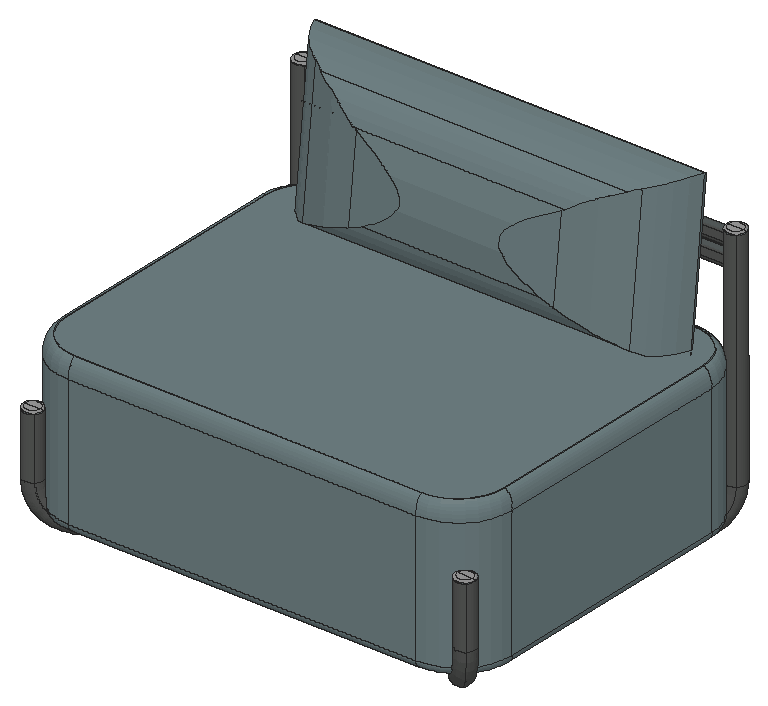
Revit family "FU_Modular_Sandler_Cosmo 1505", category Furniture, Revit 2020
Family settings
  OmniClass Number = 23.40.20.00
  OmniClass Title = General Furniture and Specialties
  Work Plane-Based = No
  Always vertical = Yes
  Cut with Voids When Loaded = No
  Shared = No
  Room Calculation Point = No
Parameters (values of type "Cosmo 1505")
  Width = 1110 mm
  URL = "https://www.sandlerseating.com/product/cosmo-1505/"
  Seat [instance] = Fabric - X2 - Polygon AK002
  Model = "Cosmo 1505"
  Manufacturer = "Sandler"
  Height = 800 mm
  Frame [instance] = Metal - Paint -AL VR - Matt Jet Black
  Description = "Easy chair with upholstered backrest. Link with other elements in the Cosmo range to form a sectional sofa, or use as freestanding lounge seating."
  Depth = 880 mm
  Default Elevation = 0 mm
Reference planes
  plane 1 "Center (Front/Back)": y = 0
  plane 2: z = 0
  plane 3 "Center (Left/Right)": x = 0
  plane 4 "Right": x = -555
  plane 5 "Left": x = 555
  plane 6 "Back": y = 440
  plane 7 "Front": y = -440
  plane 8 "Height": z = 800
  plane 9 "Seat height": z = 440
  plane 10 "Frame Base C RIGHT": z = 33.282
  plane 11 "Frame Front C RIGHT": y = -414.45
  plane 12 "Frame Back C RIGHT": y = 415.775
  plane 13 "Frame Left C FRONT": x = 530.501
  plane 14 "Frame Back Left C TOP": through (209.563, 94.979, 1200) normal (-0.7071, 0.7071, 0)
  plane 15 "Frame Front C TOP": through (209.497, -93.945, 1200) normal (0.7071, 0.7071, 0)
  plane 16 "Frame Right C FRONT": x = -530.501
  plane 17: z = 290
Forms (mm)
  Sweep 1, solid, material "Metal - Paint -AL VR - Matt Jet Black" <- "Frame"
    path origin (0, 0, 33.282) x (0, -1, 0) y (1, 0, 0)
      loop
        line (319.706, 435.757) -> (73.771, 189.822)
        arc (73.771, 189.822) -> (-0.733, 158.961) -> (-75.238, 189.822) r 105.365
        line (-75.238, 189.822) -> (-321.173, 435.757)
    profile "Pro_Circles : 48mm" origin (312.789, -196.738, 33.282) x (-0.707107, -0.707107, 0) y (0, 0, 1)
      loop
        arc (-23.967, 0.067) -> (-17.014, -16.92) -> (-0.066, -23.967) r 23.901
        arc (-0.066, -23.967) -> (16.967, -16.967) -> (23.967, 0.067) r 23.901
        arc (23.967, 0.067) -> (16.92, 17.014) -> (-0.067, 23.967) r 23.9
        arc (-0.067, 23.967) -> (-16.966, 16.966) -> (-23.967, 0.067) r 23.9
  Sweep 2, solid, material "Metal - Paint -AL VR - Matt Jet Black" <- "Frame"
    path origin (57.776, 57.776, 0) x (-0.707107, 0.707107, 0) y (0, 0, 1)
      loop
        line (-532.237, 33.282) -> (-562.237, 33.282)
        arc (-562.237, 33.282) -> (-636.483, 64.036) -> (-667.237, 138.282) r 105
        line (-667.237, 138.282) -> (-667.237, 290)
    profile "Pro_Circles : 48mm" origin (444.731, -329.179, 33.282) x (0, 0, -1) y (0.707107, 0.707107, 0)
      loop
        arc (-23.967, 0.067) -> (-17.014, -16.92) -> (-0.066, -23.967) r 23.901
        arc (-0.066, -23.967) -> (16.967, -16.967) -> (23.967, 0.067) r 23.901
        arc (23.967, 0.067) -> (16.92, 17.014) -> (-0.067, 23.967) r 23.9
        arc (-0.067, 23.967) -> (-16.966, 16.966) -> (-23.967, 0.067) r 23.9
  Sweep 3, solid, material "Metal - Paint -AL VR - Matt Jet Black" <- "Frame"
    path origin (57.776, -57.776, 0) x (-0.707107, -0.707107, 0) y (0, 0, -1)
      loop
        line (-667.237, -691) -> (-667.237, -138.282)
        arc (-667.237, -138.282) -> (-636.483, -64.036) -> (-562.237, -33.282) r 105
        line (-562.237, -33.282) -> (-532.237, -33.282)
    profile "Pro_Circles : 48mm" origin (529.584, 414.032, 414.641) x (0.707107, 0.707107, 0) y (0.707107, -0.707107, 0)
      loop
        arc (23.967, 0.067) -> (16.966, 16.966) -> (0.067, 23.967) r 23.9
        arc (0.067, 23.967) -> (-16.92, 17.014) -> (-23.967, 0.067) r 23.9
        arc (-23.967, 0.067) -> (-16.967, -16.967) -> (0.066, -23.967) r 23.901
        arc (0.066, -23.967) -> (17.014, -16.92) -> (23.967, 0.067) r 23.901
  Sweep 4, solid, material "Metal - Paint -AL VR - Matt Jet Black" <- "Frame"
    path origin (0, 0, 33.282) x (0, -1, 0) y (-1, 0, 0)
      loop
        line (319.706, 435.757) -> (73.771, 189.822)
        arc (73.771, 189.822) -> (-0.733, 158.961) -> (-75.238, 189.822) r 105.365
        line (-75.238, 189.822) -> (-321.173, 435.757)
    profile "Pro_Circles : 48mm" origin (-312.789, -196.738, 33.282) x (-0.707107, 0.707107, 0) y (0, 0, 1)
      loop
        arc (23.967, 0.067) -> (16.966, 16.966) -> (0.067, 23.967) r 23.9
        arc (0.067, 23.967) -> (-16.92, 17.014) -> (-23.967, 0.067) r 23.9
        arc (-23.967, 0.067) -> (-16.967, -16.967) -> (0.066, -23.967) r 23.901
        arc (0.066, -23.967) -> (17.014, -16.92) -> (23.967, 0.067) r 23.901
  Sweep 5, solid, material "Metal - Paint -AL VR - Matt Jet Black" <- "Frame"
    path origin (-57.776, 57.776, 0) x (0.707107, 0.707107, 0) y (0, 0, -1)
      loop
        line (-532.237, -33.282) -> (-562.237, -33.282)
        arc (-562.237, -33.282) -> (-636.483, -64.036) -> (-667.237, -138.282) r 105
        line (-667.237, -138.282) -> (-667.237, -290)
    profile "Pro_Circles : 48mm" origin (-444.731, -329.179, 33.282) x (0, 0, 1) y (-0.707107, 0.707107, 0)
      loop
        arc (23.967, 0.067) -> (16.966, 16.966) -> (0.067, 23.967) r 23.9
        arc (0.067, 23.967) -> (-16.92, 17.014) -> (-23.967, 0.067) r 23.9
        arc (-23.967, 0.067) -> (-16.967, -16.967) -> (0.066, -23.967) r 23.901
        arc (0.066, -23.967) -> (17.014, -16.92) -> (23.967, 0.067) r 23.901
  Sweep 6, solid, material "Metal - Paint -AL VR - Matt Jet Black" <- "Frame"
    path origin (-57.776, -57.776, 0) x (0.707107, -0.707107, 0) y (0, 0, 1)
      loop
        line (-667.237, 691) -> (-667.237, 138.282)
        arc (-667.237, 138.282) -> (-636.483, 64.036) -> (-562.237, 33.282) r 105
        line (-562.237, 33.282) -> (-532.237, 33.282)
    profile "Pro_Circles : 48mm" origin (-529.584, 414.032, 414.641) x (0.707107, -0.707107, 0) y (-0.707107, -0.707107, 0)
      loop
        arc (-23.967, 0.067) -> (-17.014, -16.92) -> (-0.066, -23.967) r 23.901
        arc (-0.066, -23.967) -> (16.967, -16.967) -> (23.967, 0.067) r 23.901
        arc (23.967, 0.067) -> (16.92, 17.014) -> (-0.067, 23.967) r 23.9
        arc (-0.067, 23.967) -> (-16.966, 16.966) -> (-23.967, 0.067) r 23.9
  Sweep 7, solid, material "Metal - Paint -AL VR - Matt Jet Black" <- "Frame"
    path origin (0, 415.775, 0) x (0, 0, 1) y (1, 0, 0)
      loop
        line (667.39, -530.832) -> (667.39, 530.168)
    profile "Pro_Cosmo_Oval Tube : Pro_Cosmo_Oval Tube" origin (-0.332, 415.775, 667.39) x (0, 0, -1) y (0, 1, 0)
      loop
        arc (-10.07, 10) -> (-20.07, 0) -> (-10.07, -10) r 10
        line (-10.07, -10) -> (10.07, -10)
        arc (10.07, -10) -> (20.07, 0) -> (10.07, 10) r 10
        line (10.07, 10) -> (-10.07, 10)
  Sweep 8, solid, material "Metal - Paint -AL VR - Matt Jet Black" <- "Frame"
    path origin (0, 415.775, 0) x (0, 0, 1) y (1, 0, 0)
      loop
        line (619.39, -530.832) -> (619.39, 530.168)
    profile "Pro_Cosmo_Oval Tube : Pro_Cosmo_Oval Tube" origin (-0.332, 415.775, 619.39) x (0, 0, -1) y (0, 1, 0)
      loop
        arc (-10.07, 10) -> (-20.07, 0) -> (-10.07, -10) r 10
        line (-10.07, -10) -> (10.07, -10)
        arc (10.07, -10) -> (20.07, 0) -> (10.07, 10) r 10
        line (10.07, 10) -> (-10.07, 10)
  Sweep 9, solid, material "Metal - Paint -AL VR - Matt Jet Black" <- "Frame"
    path origin (0, 415.775, 0) x (0, 0, 1) y (1, 0, 0)
      loop
        line (643.39, -334) -> (643.39, 334)
    profile "Pro_Circles : 20mm" origin (0, 415.775, 643.39) x (0, 0, -1) y (0, 1, 0)
      loop
        arc (-9.967, 18.567) -> (-7.115, 11.48) -> (-0.067, 8.533) r 9.901
        arc (-0.067, 8.533) -> (7.068, 11.432) -> (9.967, 18.567) r 9.901
        arc (9.967, 18.567) -> (7.02, 25.615) -> (-0.067, 28.467) r 9.901
        arc (-0.067, 28.467) -> (-7.067, 25.567) -> (-9.967, 18.567) r 9.9
  Sweep 10, solid, material "Metal - Paint -AL VR - Matt Jet Black" <- "Frame"
    path origin (1.367, 415.775, 0) x (0, 0, 1) y (1, 0, 0)
      loop
        line (643.39, 325.957) -> (643.39, 333.957)
    profile "Pro_Circles : 24mm" origin (331.324, 415.775, 643.39) x (0, 0, -1) y (0, 1, 0)
      loop
        arc (-11.967, 18.567) -> (-8.529, 10.066) -> (-0.067, 6.533) r 11.901
        arc (-0.067, 6.533) -> (8.482, 10.018) -> (11.967, 18.567) r 11.901
        arc (11.967, 18.567) -> (8.434, 27.029) -> (-0.067, 30.467) r 11.901
        arc (-0.067, 30.467) -> (-8.481, 26.981) -> (-11.967, 18.567) r 11.9
  Sweep 11, solid, material "Metal - Paint -AL VR - Matt Jet Black" <- "Frame"
    path origin (-1.367, 415.775, 0) x (0, 0, 1) y (-1, 0, 0)
      loop
        line (643.39, 325.957) -> (643.39, 333.957)
    profile "Pro_Circles : 24mm" origin (-331.324, 415.775, 643.39) x (0, 0, 1) y (0, 1, 0)
      loop
        arc (11.967, 18.567) -> (8.481, 26.981) -> (0.067, 30.467) r 11.9
        arc (0.067, 30.467) -> (-8.434, 27.029) -> (-11.967, 18.567) r 11.901
        arc (-11.967, 18.567) -> (-8.482, 10.018) -> (0.067, 6.533) r 11.901
        arc (0.067, 6.533) -> (8.529, 10.066) -> (11.967, 18.567) r 11.901
  Revolve 12, solid, material "Rubber, Black"
    sketch origin (-0.781, -414.45, -401) x (0, 0, -1) y (1, 0, 0)
      loop
        line (-695.421, 530.33) -> (-695.421, 511.266)
        arc (-695.421, 511.266) -> (-694.22, 508.04) -> (-691.201, 506.385) r 4.933
        arc (-691.201, 506.385) -> (-690.636, 506.55) -> (-690.39, 507.086) r 0.708
        line (-690.39, 507.086) -> (-690.39, 508.836) -> (-685.421, 508.836) -> (-685.421, 530.33) -> (-695.421, 530.33)
      axis (-695.421, 530.33) -> (-685.421, 530.33)
    angle from 0 to 360
  Revolve 13, solid, material "Rubber, Black"
    sketch origin (0.781, -414.45, -401) x (0, 0, -1) y (-1, 0, 0)
      loop
        line (-695.421, 530.33) -> (-695.421, 511.266)
        arc (-695.421, 511.266) -> (-694.22, 508.04) -> (-691.201, 506.385) r 4.933
        arc (-691.201, 506.385) -> (-690.636, 506.55) -> (-690.39, 507.086) r 0.708
        line (-690.39, 507.086) -> (-690.39, 508.836) -> (-685.421, 508.836) -> (-685.421, 530.33) -> (-695.421, 530.33)
      axis (-695.421, 530.33) -> (-685.421, 530.33)
    angle from 0 to 360
  Revolve 14, solid, material "Rubber, Black"
    sketch origin (-0.781, 414.001, 0) x (0, 0, -1) y (-1, 0, 0)
      loop
        line (-695.421, -530.33) -> (-685.421, -530.33) -> (-685.421, -508.836) -> (-690.39, -508.836) -> (-690.39, -507.086)
        arc (-690.39, -507.086) -> (-690.636, -506.55) -> (-691.201, -506.385) r 0.708
        arc (-691.201, -506.385) -> (-694.22, -508.04) -> (-695.421, -511.266) r 4.933
        line (-695.421, -511.266) -> (-695.421, -530.33)
      axis (-695.421, -530.33) -> (-685.421, -530.33)
    angle from 0 to 360
  Revolve 15, solid, material "Rubber, Black"
    sketch origin (0.781, 414.001, 0) x (0, 0, -1) y (-1, 0, 0)
      loop
        line (-695.421, 530.33) -> (-695.421, 511.266)
        arc (-695.421, 511.266) -> (-694.22, 508.04) -> (-691.201, 506.385) r 4.933
        arc (-691.201, 506.385) -> (-690.636, 506.55) -> (-690.39, 507.086) r 0.708
        line (-690.39, 507.086) -> (-690.39, 508.836) -> (-685.421, 508.836) -> (-685.421, 530.33) -> (-695.421, 530.33)
      axis (-695.421, 530.33) -> (-685.421, 530.33)
    angle from 0 to 360
  Extrusion 16, solid, material "Rubber, Black"
    sketch origin (0, 0, 0) x (1, 0, 0) y (0, 1, 0)
      loop
        circle (384.746, 270.162) r 12.5
    from 0 to 33.282
  Extrusion 17, solid, material "Rubber, Black"
    sketch origin (0, 0, 0) x (1, 0, 0) y (0, 1, 0)
      loop
        circle (384.746, -270.162) r 12.5
    from 0 to 33.282
  Extrusion 18, solid, material "Rubber, Black"
    sketch origin (0, 0, 0) x (-1, 0, 0) y (0, -1, 0)
      loop
        circle (384.746, -270.162) r 12.5
    from 0 to 33.282
  Extrusion 19, solid, material "Rubber, Black"
    sketch origin (0, 0, 0) x (-1, 0, 0) y (0, -1, 0)
      loop
        circle (384.746, 270.162) r 12.5
    from 0 to 33.282
  Extrusion 20, solid, material "Fabric - X2 - Polygon AK002" <- "Seat"
    sketch origin (0, 0, 33.282) x (0, -1, 0) y (1, 0, 0)
      loop
        arc (-415.775, -425.667) -> (-383.557, -503.448) -> (-305.775, -535.667) r 110
        line (-305.775, -535.667) -> (304.45, -535.667)
        arc (304.45, -535.667) -> (382.232, -503.448) -> (414.45, -425.667) r 110
        line (414.45, -425.667) -> (414.45, 425.667)
        arc (414.45, 425.667) -> (382.232, 503.448) -> (304.45, 535.667) r 110
        line (304.45, 535.667) -> (-305.775, 535.667)
        arc (-305.775, 535.667) -> (-383.557, 503.448) -> (-415.775, 425.667) r 110
        line (-415.775, 425.667) -> (-415.775, -425.667)
    from 25.7 to 406.718
  Sweep 21, solid, material "Fabric - X2 - Polygon AK002" <- "Seat"
    path in 3D
      loop
        arc (-535.667, -304.45, 440) -> (-503.448, -382.232, 440) -> (-425.667, -414.45, 440) r 110
        line (-425.667, -414.45, 440) -> (425.667, -414.45, 440)
        arc (425.667, -414.45, 440) -> (503.448, -382.232, 440) -> (535.667, -304.45, 440) r 110
        line (535.667, -304.45, 440) -> (535.667, 305.775, 440)
        arc (535.667, 305.775, 440) -> (503.448, 383.557, 440) -> (425.667, 415.775, 440) r 110
        line (425.667, 415.775, 440) -> (-425.667, 415.775, 440)
        arc (-425.667, 415.775, 440) -> (-503.448, 383.557, 440) -> (-535.667, 305.775, 440) r 110
        line (-535.667, 305.775, 440) -> (-535.667, -304.45, 440)
    profile "Pro_Cosmo_SeatEdge : Pro_Cosmo_SeatEdge" origin (-535.667, 0.662, 440) x (1, 0, 0) y (0, 0, 1)
      loop
        line (-21, -42) -> (-21, -360)
        arc (-21, -360) -> (-14.849, -374.849) -> (0, -381) r 21
        line (0, -381) -> (0, 0)
        spline (0, 0) -> (-2.741, -0.359) -> (-5.435, -1.431) -> (-8.036, -3.197) -> (-10.5, -5.627) -> (-12.784, -8.679) -> (-14.849, -12.302) -> (-16.66, -16.432) -> (-18.187, -21) -> (-19.401, -25.927) -> (-20.284, -31.13) -> (-20.82, -36.518) -> (-21, -42)
Cuts and joins
  joined: Sweep 9, Sweep 10, Sweep 11
Lines and regions (mm)
  sketch lines
    curve 1: line (-535.667, 305.775, 440) -> (-535.667, -304.45, 440)
    curve 2: arc (-425.667, -414.45, 440) -> (-503.448, -382.232, 440) -> (-535.667, -304.45, 440) r 110
    curve 3: line (-425.667, -414.45, 440) -> (425.667, -414.45, 440)
    curve 4: arc (535.667, -304.45, 440) -> (503.448, -382.232, 440) -> (425.667, -414.45, 440) r 110
    curve 5: line (535.667, -304.45, 440) -> (535.667, 305.775, 440)
    curve 6: arc (425.667, 415.775, 440) -> (503.448, 383.557, 440) -> (535.667, 305.775, 440) r 110
    curve 7: line (425.667, 415.775, 440) -> (-425.667, 415.775, 440)
    curve 8: arc (-535.667, 305.775, 440) -> (-503.448, 383.557, 440) -> (-425.667, 415.775, 440) r 110
Dimensions and locks
  equal spacing: plane 4 "Right", plane 3 "Center (Left/Right)", plane 5 "Left"
  "Width": plane 4 "Right" to plane 5 "Left"
  equal spacing: plane 6 "Back", plane 1 "Center (Front/Back)", plane 7 "Front"
  "Depth": plane 6 "Back" to plane 7 "Front"
  "Height": plane 8 "Height" to level
  plane 9 "Seat height" to level = 440 mm
  aligned and locked: level to plane 2
Automatic sketch dimensions
  Sweep 1 sketch curve to plane 14 "Frame Back Left C TOP" = 0 mm  (x2)
  Sweep 1 sketch curve to plane 1 "Center (Front/Back)" = 75.238 mm
  Sweep 1 sketch curve to plane 1 "Center (Front/Back)" = 0.733 mm
  plane 1 "Center (Front/Back)" to Sweep 1 sketch curve = 73.771 mm
  Sweep 1 sketch curve to Sweep 1 sketch curve = 74.504 mm
  Sweep 1 sketch curve to plane 12 "Frame Back C RIGHT" = 94.602 mm
  Sweep 1 sketch curve to plane 11 "Frame Front C RIGHT" = 94.744 mm
  Sweep 1 sketch curve to plane 13 "Frame Left C FRONT" = 94.744 mm
  Sweep 3 sketch curve to plane 10 "Frame Base C RIGHT" = 0 mm
  plane 10 "Frame Base C RIGHT" to Sweep 3 sketch curve = 105 mm
  plane 15 "Frame Front C TOP" to Sweep 3 sketch curve = 585.529 mm
  Sweep 3 sketch curve to Sweep 3 sketch curve = 30 mm
  Sweep 3 sketch curve to plane 8 "Height" = 109 mm
  plane 1 "Center (Front/Back)" to Sweep 4 sketch curve = 75.238 mm
  plane 1 "Center (Front/Back)" to Sweep 4 sketch curve = 0.733 mm
  Sweep 4 sketch curve to plane 1 "Center (Front/Back)" = 73.771 mm
  plane 3 "Center (Left/Right)" to Sweep 4 sketch curve = 189.822 mm
  Sweep 4 sketch curve to Sweep 4 sketch curve = 74.504 mm
  plane 12 "Frame Back C RIGHT" to Sweep 4 sketch curve = 94.602 mm
  plane 11 "Frame Front C RIGHT" to Sweep 4 sketch curve = 94.744 mm
  plane 4 "Right" to Sweep 4 sketch curve = 119.243 mm  (x2)
  Sweep 6 sketch curve to plane 10 "Frame Base C RIGHT" = 0 mm
  plane 10 "Frame Base C RIGHT" to Sweep 6 sketch curve = 105 mm
  plane 14 "Frame Back Left C TOP" to Sweep 6 sketch curve = 748.26 mm
  Sweep 6 sketch curve to Sweep 6 sketch curve = 30 mm
  Sweep 6 sketch curve to plane 8 "Height" = 109 mm
  Sweep 7 sketch curve to plane 13 "Frame Left C FRONT" = 0.333 mm
  Sweep 7 sketch curve to plane 8 "Height" = 132.61 mm
  Sweep 7 sketch curve to plane 4 "Right" = 24.168 mm
  Sweep 8 sketch curve to plane 13 "Frame Left C FRONT" = 0.333 mm
  plane 9 "Seat height" to Sweep 8 sketch curve = 179.39 mm
  Sweep 8 sketch curve to plane 4 "Right" = 24.168 mm
  Sweep 9 sketch curve to plane 8 "Height" = 156.61 mm
  Sweep 9 sketch curve to plane 4 "Right" = 221 mm
  Sweep 9 sketch curve to plane 13 "Frame Left C FRONT" = 196.501 mm
  Sweep 10 sketch curve to plane 8 "Height" = 156.61 mm
  Sweep 10 sketch curve to plane 13 "Frame Left C FRONT" = 203.177 mm
  Sweep 10 sketch curve to Sweep 10 sketch curve = 8 mm
  plane 8 "Height" to Sweep 11 sketch curve = 156.61 mm
  plane 4 "Right" to Sweep 11 sketch curve = 227.676 mm
  Sweep 11 sketch curve to Sweep 11 sketch curve = 8 mm
  Revolve 12 sketch curve to plane 13 "Frame Left C FRONT" = 0.952 mm  (x2)
  Revolve 12 sketch curve to plane 8 "Height" = 505.579 mm
  Revolve 12 sketch curve to Revolve 12 sketch curve = 4.322 mm
  Revolve 12 sketch curve to Revolve 12 sketch curve = 0.611 mm
  Revolve 12 sketch curve to Revolve 12 sketch curve = 0.708 mm
  Revolve 12 sketch curve to Revolve 12 sketch curve = 4.97 mm
  Revolve 12 sketch curve to Revolve 12 sketch curve = 19.065 mm
  Revolve 12 sketch curve to Revolve 12 sketch curve = 2.43 mm
  Revolve 12 sketch curve to Revolve 12 sketch curve = 1.75 mm
  Revolve 12 sketch curve to Revolve 12 sketch curve = 7.372 mm
  Revolve 12 sketch curve to Revolve 12 sketch curve = 19.192 mm
  plane 4 "Right" to Revolve 13 sketch curve = 25.451 mm
  plane 8 "Height" to Revolve 13 sketch curve = 505.579 mm
  Revolve 13 sketch curve to Revolve 13 sketch curve = 4.322 mm
  Revolve 13 sketch curve to Revolve 13 sketch curve = 0.611 mm
  Revolve 13 sketch curve to Revolve 13 sketch curve = 0.708 mm
  Revolve 13 sketch curve to Revolve 13 sketch curve = 4.97 mm
  Revolve 13 sketch curve to Revolve 13 sketch curve = 19.065 mm
  Revolve 13 sketch curve to Revolve 13 sketch curve = 2.43 mm
  Revolve 13 sketch curve to Revolve 13 sketch curve = 1.75 mm
  Revolve 13 sketch curve to Revolve 13 sketch curve = 7.372 mm
  Revolve 13 sketch curve to Revolve 13 sketch curve = 19.192 mm
  Revolve 13 sketch curve to Revolve 13 sketch curve = 0 mm
  Revolve 14 sketch curve to plane 13 "Frame Left C FRONT" = 0.952 mm  (x2)
  Revolve 14 sketch curve to plane 8 "Height" = 104.579 mm
  Revolve 14 sketch curve to Revolve 14 sketch curve = 4.322 mm
  Revolve 14 sketch curve to Revolve 14 sketch curve = 0.611 mm
  Revolve 14 sketch curve to Revolve 14 sketch curve = 0.708 mm
  Revolve 14 sketch curve to Revolve 14 sketch curve = 4.97 mm
  Revolve 14 sketch curve to Revolve 14 sketch curve = 19.065 mm
  Revolve 14 sketch curve to Revolve 14 sketch curve = 2.43 mm
  Revolve 14 sketch curve to Revolve 14 sketch curve = 1.75 mm
  Revolve 14 sketch curve to Revolve 14 sketch curve = 7.372 mm
  Revolve 14 sketch curve to Revolve 14 sketch curve = 19.192 mm
  Revolve 15 sketch curve to plane 4 "Right" = 25.451 mm
  Revolve 15 sketch curve to plane 8 "Height" = 104.579 mm
  Revolve 15 sketch curve to Revolve 15 sketch curve = 4.322 mm
  Revolve 15 sketch curve to Revolve 15 sketch curve = 0.611 mm
  Revolve 15 sketch curve to Revolve 15 sketch curve = 0.708 mm
  Revolve 15 sketch curve to Revolve 15 sketch curve = 4.97 mm
  Revolve 15 sketch curve to Revolve 15 sketch curve = 19.065 mm
  Revolve 15 sketch curve to Revolve 15 sketch curve = 2.43 mm
  Revolve 15 sketch curve to Revolve 15 sketch curve = 1.75 mm
  Revolve 15 sketch curve to Revolve 15 sketch curve = 7.372 mm
  Revolve 15 sketch curve to Revolve 15 sketch curve = 19.192 mm
  Revolve 15 sketch curve to Revolve 15 sketch curve = 0 mm
  Extrusion 16 sketch curve to plane 14 "Frame Back Left C TOP" = 0 mm
  Extrusion 16 sketch curve to plane 12 "Frame Back C RIGHT" = 145.613 mm
  plane 13 "Frame Left C FRONT" to Extrusion 17 sketch curve = 145.755 mm
  plane 11 "Frame Front C RIGHT" to Extrusion 17 sketch curve = 144.288 mm
  plane 4 "Right" to Extrusion 18 sketch curve = 170.254 mm
  plane 12 "Frame Back C RIGHT" to Extrusion 18 sketch curve = 145.613 mm
  Extrusion 19 sketch curve to plane 4 "Right" = 170.254 mm
  Extrusion 19 sketch curve to plane 11 "Frame Front C RIGHT" = 144.288 mm
  Extrusion 20 sketch curve to plane 12 "Frame Back C RIGHT" = 0 mm
  plane 11 "Frame Front C RIGHT" to Extrusion 20 sketch curve = 0 mm
  plane 16 "Frame Right C FRONT" to Extrusion 20 sketch curve = 5.165 mm
  Extrusion 20 sketch curve to plane 12 "Frame Back C RIGHT" = 110 mm  (x2)
  plane 13 "Frame Left C FRONT" to Extrusion 20 sketch curve = 5.165 mm
  Extrusion 20 sketch curve to plane 16 "Frame Right C FRONT" = 104.835 mm
  Extrusion 20 sketch curve to plane 13 "Frame Left C FRONT" = 104.835 mm
  plane 17 to Sweep 5 sketch curve = 0 mm
  plane 10 "Frame Base C RIGHT" to Sweep 5 sketch curve = 0 mm
  plane 10 "Frame Base C RIGHT" to Sweep 5 sketch curve = 105 mm
  Sweep 5 sketch curve to plane 15 "Frame Front C TOP" = 748.945 mm
  Sweep 5 sketch curve to Sweep 5 sketch curve = 30 mm
  plane 17 to Sweep 2 sketch curve = 0 mm
  plane 10 "Frame Base C RIGHT" to Sweep 2 sketch curve = 0 mm
  plane 10 "Frame Base C RIGHT" to Sweep 2 sketch curve = 105 mm
  Sweep 2 sketch curve to plane 14 "Frame Back Left C TOP" = 586.214 mm
  Sweep 2 sketch curve to Sweep 2 sketch curve = 30 mm
  radius of Extrusion 16 sketch curve = 12.5 mm
  radius of Extrusion 17 sketch curve = 12.5 mm
  radius of Extrusion 18 sketch curve = 12.5 mm
  radius of Extrusion 19 sketch curve = 12.5 mm
Nested families
  nested 1: "Cosmo_Cushion_Back" at (0, 320.477, 1.692), Cushion <- "Seat", type "Cosmo_Cushion_Back"
    with Cushion Fabric - X2 - Polygon AK002
Definition of nested family "Cosmo_Cushion_Back"
  Parameters (values of type "Cosmo_Cushion_Back")
    Width = 470 mm
    Height = 895 mm
    Depth = 503 mm
    Default Elevation = 0 mm
    Cushion [instance] = none
  Reference planes
    plane 1 "Center (Front/Back)": y = 0
    plane 2: z = 0
    plane 3 "Center (Left/Right)": x = 0
    plane 4 "Right": x = -235
    plane 5 "Left": x = 235
    plane 6 "Back": y = 251.5
    plane 7 "Front": y = -251.5
    plane 8 "Height": z = 895
    plane 9 "Seat height": z = 610
  Forms (mm)
    Extrusion 1, solid, material <- "Cushion"
      sketch origin (0, -71.553, 4.157) x (0, 0.993272, -0.115804) y (0, 0.115804, 0.993272)
        loop
          arc (41.159, 812.819) -> (-14.136, 800.872) -> (-62.73, 771.909) r 174.996
          arc (-62.73, 771.909) -> (-87.968, 742.637) -> (-102.759, 706.93) r 121.741
          arc (-102.759, 706.93) -> (-120.989, 610.725) -> (-110.053, 513.42) r 328.506
          arc (-110.053, 513.42) -> (-92.656, 476.931) -> (-63.329, 449.109) r 110.825
          arc (-63.329, 449.109) -> (-12.607, 427.271) -> (42.487, 423.5) r 164.061
          arc (42.487, 423.5) -> (46.686, 425.715) -> (48.953, 429.886) r 8.201
          arc (48.953, 429.886) -> (61.044, 443.076) -> (69.891, 458.629) r 79.783
          arc (69.891, 458.629) -> (89.843, 502.541) -> (86.114, 550.63) r 96.742
          arc (86.114, 550.63) -> (72.495, 621.117) -> (78.671, 692.642) r 260.015
          arc (78.671, 692.642) -> (81, 726.495) -> (72.828, 759.429) r 109.238
          arc (72.828, 759.429) -> (63.174, 784.321) -> (47.936, 806.244) r 112.715
          arc (47.936, 806.244) -> (45.978, 811.006) -> (41.159, 812.819) r 6.452
      from -490 to 490
    Extrusion 2, void
      sketch origin (0, -71.553, 4.157) x (1, 0, 0) y (0, 0.993272, -0.115804)
        loop
          arc (-426.484, 76.363) -> (-456.97, 65.364) -> (-478.684, 41.303) r 66.755
          arc (-478.684, 41.303) -> (-447.517, -12.378) -> (-398.634, -50.633) r 164.019
          arc (-398.634, -50.633) -> (-327.352, -84.25) -> (-251.139, -104.317) r 430.737
          arc (-251.139, -104.317) -> (-125.992, -120.779) -> (0, -128.434) r 1800.959
          arc (0, -128.434) -> (125.992, -120.779) -> (251.139, -104.317) r 1800.959
          arc (251.139, -104.317) -> (327.352, -84.25) -> (398.634, -50.633) r 430.737
          arc (398.634, -50.633) -> (447.517, -12.378) -> (478.684, 41.303) r 164.019
          arc (478.684, 41.303) -> (456.97, 65.364) -> (426.484, 76.363) r 66.755
          arc (426.484, 76.363) -> (330.848, 84.495) -> (235, 89.519) r 2958.413
          arc (235, 89.519) -> (117.518, 93.011) -> (0, 94.988) r 9120.193
          arc (0, 94.988) -> (-117.518, 93.011) -> (-235, 89.519) r 9120.193
          arc (-235, 89.519) -> (-330.848, 84.495) -> (-426.484, 76.363) r 2958.413
        loop
          line (-500, 135) -> (-500, -135) -> (500, -135) -> (500, 135) -> (-500, 135)
      from 380.143 to 855.619
    Extrusion 3, solid, material <- "Cushion"
      sketch origin (0, -71.553, 4.157) x (0, 0.993272, -0.115804) y (0, 0.115804, 0.993272)
        loop
          arc (102.559, 646.805) -> (121.202, 654.681) -> (102.61, 662.676) r 11
          arc (102.61, 662.676) -> (81.213, 656.455) -> (67.34, 673.893) r 20
          line (67.34, 673.893) -> (67.34, 635.527)
          arc (67.34, 635.527) -> (81.175, 652.954) -> (102.559, 646.805) r 20
      from -328 to 328
  Cuts and joins
    Extrusion 2 cuts Extrusion 1
  Dimensions and locks
    equal spacing: plane 4 "Right", plane 3 "Center (Left/Right)", plane 5 "Left"
    "Width": plane 4 "Right" to plane 5 "Left"
    equal spacing: plane 6 "Back", plane 1 "Center (Front/Back)", plane 7 "Front"
    "Depth": plane 6 "Back" to plane 7 "Front"
    "Height": plane 8 "Height" to level
    plane 9 "Seat height" to level = 610 mm
    aligned and locked: level to plane 2
  Automatic sketch dimensions
    plane 1 "Center (Front/Back)" to Extrusion 1 sketch curve = 22.957 mm
    plane 9 "Seat height" to Extrusion 1 sketch curve = 124.85 mm
    Extrusion 1 sketch curve to Extrusion 1 sketch curve = 8.526 mm
    Extrusion 1 sketch curve to Extrusion 1 sketch curve = 22.393 mm
    Extrusion 1 sketch curve to Extrusion 1 sketch curve = 1.986 mm
    Extrusion 1 sketch curve to Extrusion 1 sketch curve = 2.433 mm
    Extrusion 1 sketch curve to Extrusion 1 sketch curve = 43.505 mm
    Extrusion 1 sketch curve to Extrusion 1 sketch curve = 28.981 mm
    Extrusion 1 sketch curve to Extrusion 1 sketch curve = 44.366 mm
    Extrusion 1 sketch curve to Extrusion 1 sketch curve = 77.833 mm
    Extrusion 1 sketch curve to Extrusion 1 sketch curve = 34.301 mm
    Extrusion 1 sketch curve to Extrusion 1 sketch curve = 157.299 mm
    Extrusion 1 sketch curve to Extrusion 1 sketch curve = 124.87 mm
    Extrusion 1 sketch curve to Extrusion 1 sketch curve = 14.43 mm
    Extrusion 1 sketch curve to Extrusion 1 sketch curve = 38.19 mm
    Extrusion 1 sketch curve to Extrusion 1 sketch curve = 40.738 mm
    Extrusion 1 sketch curve to Extrusion 1 sketch curve = 3.321 mm
    Extrusion 1 sketch curve to Extrusion 1 sketch curve = 36.374 mm
    Extrusion 1 sketch curve to Extrusion 1 sketch curve = 51.318 mm
    Extrusion 1 sketch curve to Extrusion 1 sketch curve = 44.656 mm
    Extrusion 1 sketch curve to Extrusion 1 sketch curve = 22.732 mm
    Extrusion 1 sketch curve to Extrusion 1 sketch curve = 29.289 mm
    Extrusion 1 sketch curve to Extrusion 1 sketch curve = 58.501 mm
    Extrusion 1 sketch curve to Extrusion 1 sketch curve = 74.971 mm
    Extrusion 1 sketch curve to Extrusion 1 sketch curve = 26.382 mm
    Extrusion 1 sketch curve to Extrusion 1 sketch curve = 0 mm  (x4)
    Extrusion 1 sketch curve to Extrusion 1 sketch curve = 59.886 mm
    Extrusion 1 sketch curve to Extrusion 1 sketch curve = 66.411 mm
    Extrusion 1 sketch curve to Extrusion 1 sketch curve = 1.564 mm
    Extrusion 1 sketch curve to Extrusion 1 sketch curve = 6.451 mm
    Extrusion 1 sketch curve to Extrusion 1 sketch curve = 8.03 mm
    Extrusion 1 sketch curve to Extrusion 1 sketch curve = 20.938 mm
    Extrusion 1 sketch curve to Extrusion 1 sketch curve = 24.892 mm
    Extrusion 2 sketch curve to plane 4 "Right" = 0 mm  (x2)
    Extrusion 2 sketch curve to plane 3 "Center (Left/Right)" = 0 mm  (x2)
    Extrusion 2 sketch curve to plane 5 "Left" = 0 mm  (x2)
    plane 4 "Right" to Extrusion 2 sketch curve = 88.818 mm
    Extrusion 2 sketch curve to Extrusion 2 sketch curve = 95.932 mm  (x2)
    Extrusion 2 sketch curve to Extrusion 2 sketch curve = 80.25 mm  (x2)
    Extrusion 2 sketch curve to plane 4 "Right" = 54.969 mm
    Extrusion 2 sketch curve to plane 4 "Right" = 106.934 mm
    Extrusion 2 sketch curve to plane 3 "Center (Left/Right)" = 94.655 mm
    Extrusion 2 sketch curve to plane 3 "Center (Left/Right)" = 46.168 mm
    plane 3 "Center (Left/Right)" to Extrusion 2 sketch curve = 46.168 mm
    plane 3 "Center (Left/Right)" to Extrusion 2 sketch curve = 94.655 mm
    plane 5 "Left" to Extrusion 2 sketch curve = 106.934 mm
    plane 5 "Left" to Extrusion 2 sketch curve = 54.969 mm
    Extrusion 2 sketch curve to plane 5 "Left" = 88.818 mm
    Extrusion 2 sketch curve to Extrusion 2 sketch curve = 0 mm  (x6)
    Extrusion 2 sketch curve to Extrusion 2 sketch curve = 6157.753 mm
    Extrusion 2 sketch curve to Extrusion 2 sketch curve = 224.519 mm
    Extrusion 2 sketch curve to Extrusion 2 sketch curve = 144.948 mm  (x2)
    Extrusion 2 sketch curve to Extrusion 2 sketch curve = 5.809 mm  (x2)
    Extrusion 2 sketch curve to Extrusion 2 sketch curve = 58.637 mm
    Extrusion 2 sketch curve to Extrusion 2 sketch curve = 230.991 mm  (x2)
    Extrusion 2 sketch curve to Extrusion 2 sketch curve = 1351.421 mm
    plane 4 "Right" to Extrusion 2 sketch curve = 16.139 mm
    Extrusion 2 sketch curve to Extrusion 2 sketch curve = 21.116 mm  (x2)
    plane 9 "Seat height" to Extrusion 3 sketch curve = 55.718 mm
    Extrusion 3 sketch curve to plane 1 "Center (Front/Back)" = 73.374 mm
    Extrusion 3 sketch curve to Extrusion 3 sketch curve = 19.934 mm  (x2)
    Extrusion 3 sketch curve to Extrusion 3 sketch curve = 22.928 mm
    Extrusion 3 sketch curve to Extrusion 3 sketch curve = 19.177 mm
    Extrusion 3 sketch curve to Extrusion 3 sketch curve = 38.366 mm
    Extrusion 3 sketch curve to Extrusion 3 sketch curve = 1.621 mm  (x2)
    Extrusion 3 sketch curve to Extrusion 3 sketch curve = 7.643 mm
